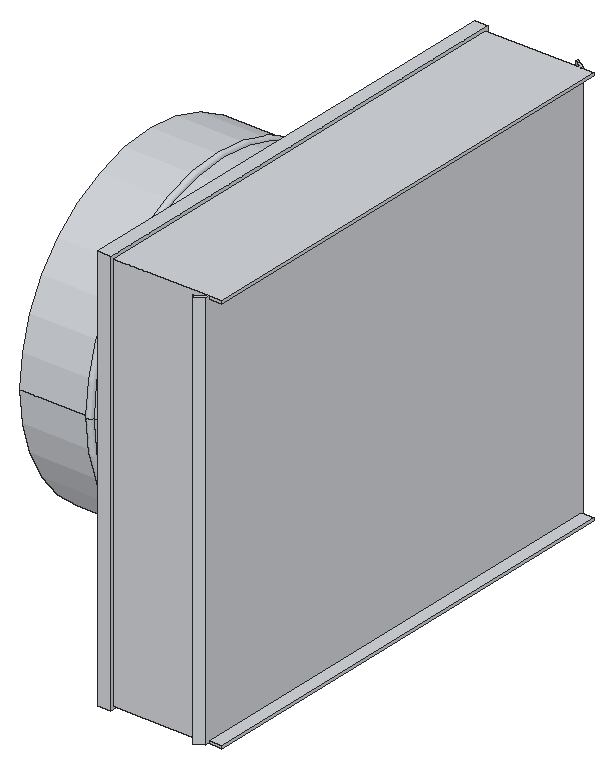
Revit family
Parameters (values of type "300")
  d = N / 2  # 150.0 mm
  URL = "http://www.productspec.net/products/29690/holyoake-industries/control-volume-assemblies-hcv.aspx"
  Type Comments = "Variable Air Volume Round Outlet Adaptor"  # constant formula
  Model = "VAV - Round Outlet Adaptor"  # constant formula
  Min Flow = 0.3 L/s
  Max Flow = 1.08 L/s
  Manufacturer = "Holyoake Industries Ltd"  # constant formula
  Engineering Data [instance] = "http://www.productspec.net/nas/TechnicalFiles/2367/p29690/G7-G13%20HCV%20Performance.pdf"
  N = 300.0 mm
  Description = "An HCV terminal can consist of a basic unit alone or with any combination of accessories."  # constant formula
  Created By = "Productspec Ltd"  # constant formula
  Round Outlet Adaptor [instance] = none
  H = 369.0 mm
  Author = "Zinder Zhao"  # constant formula
  G = 428.0 mm
Types (5, lengths in mm): name | d | Min Flow | Max Flow | N | H | G
  (no name) | 150.0 | 0.3 L/s | 1.08 L/s | 300.0 | 369.0 | 428.0
  100, 125 & 150 | 75.0 | 0.03 L/s | 0.11 L/s | 150.0 | 223.0 | 286.0
  300 | 150.0 | 0.3 L/s | 1.08 L/s | 300.0 | 369.0 | 428.0
  250 | 125.0 | 0.21 L/s | 0.73 L/s | 250.0 | 296.0 | 428.0
  175, 200 & 225 | 125.0 | 0.1 L/s | 0.34 L/s | 250.0 | 296.0 | 286.0
Reference planes
  plane 1 "Center (Front/Back)": y = 0
  plane 2 "Bottom": z = 0
  plane 3 "Center (Left/Right)": x = 0
  plane 4: y = 214
  plane 5: y = -214
  plane 6 "Right": x = 50
  plane 7 "Left": x = -50
  plane 8 "Inlet": x = -175
  plane 9 "Top": z = 369
  plane 10: z = 184.5
  plane 11: z = 334.5
  plane 12: z = 34.5
  plane 13: y = -150
  plane 14: y = 150
  plane 15 "Velocity Sensor": x = -107.247
Forms (mm)
  Extrusion 1, solid, material <- "Round Outlet Adaptor"
    sketch origin (-50, 0, 0) x (0, 1, 0) y (0, 0, 1)
      loop
        line (214, 369) -> (-214, 369) -> (-214, 0) -> (214, 0) -> (214, 369)
      loop
        line (212, 367) -> (-212, 367) -> (-212, 2) -> (212, 2) -> (212, 367)
    from 0 to 100
  Extrusion 2, solid, material <- "Round Outlet Adaptor"
    sketch origin (-175, -37.5, 0) x (0, 1, 0) y (0, 0, 1)
      loop
        circle (37.5, 184.5) r 150
    from 0 to 125
  Sweep 3, solid, material <- "Round Outlet Adaptor", detail levels medium+fine
    path in 3D
      loop
        arc (-175, -150, 184.5) -> (-175, 0, 34.5) -> (-175, 150, 184.5) r 150
        arc (-175, 150, 184.5) -> (-175, 0, 334.5) -> (-175, -150, 184.5) r 150
    profile origin (-175, 0, 334.5) x (0, 0, 1) y (-1, 0, 0)
      loop
        line (0, -61.753) -> (0, -67.753)
        arc (0, -67.753) -> (3, -64.753) -> (0, -61.753) r 3
  Extrusion 4, solid, material <- "Round Outlet Adaptor"
    sketch origin (-50, 0, 0) x (0, 1, 0) y (0, 0, 1)
      loop
        line (217, 372) -> (-217, 372) -> (-217, -3) -> (217, -3) -> (217, 372)
      loop
        circle (0, 184.5) r 150
    from 0 to 12
  Extrusion 5, solid, material <- "Round Outlet Adaptor"
    sketch origin (50, 0, 0) x (0, 1, 0) y (0, 0, 1)
      loop
        line (214, 369) -> (-214, 369) -> (-214, 367) -> (214, 367) -> (214, 369)
      loop
        line (214, 0) -> (214, 2) -> (-214, 2) -> (-214, 0) -> (214, 0)
    from 0 to 12
  Extrusion 6, solid, material <- "Round Outlet Adaptor"
    sketch origin (0, 0, 0) x (1, 0, 0) y (0, 1, 0)
      loop
        line (50, -214) -> (48, -214) -> (48, -215.923) -> (40.34, -220.345) -> (41.34, -222.077) -> (50, -217.077) -> (50, -214)
      loop
        line (50, 214) -> (50, 217.077) -> (41.34, 222.077) -> (40.34, 220.345) -> (48, 215.923) -> (48, 214) -> (50, 214)
    from 0 to 369 <- "H"
  Extrusion 7, solid, material <- "Round Outlet Adaptor"
    sketch origin (148.5, 0, 0) x (0, 1, 0) y (0, 0, 1)
      loop
        line (214, 369) -> (-214, 369) -> (-214, 0) -> (214, 0) -> (214, 369)
    from -100.5 to -98.5
Cuts and joins
  joined: Extrusion 1, Extrusion 4, Extrusion 5, Extrusion 6, Extrusion 7
Lines and regions (mm)
  sketch lines
    curve 1: arc (-175, 150, 184.5) -> (-175, 0, 334.5) -> (-175, -150, 184.5) r 150
    curve 2: arc (-175, -150, 184.5) -> (-175, 0, 34.5) -> (-175, 150, 184.5) r 150
Dimensions and locks
  equal spacing: plane 9 "Top", plane 10, plane 2 "Bottom"
  "H": plane 9 "Top" to plane 2 "Bottom"
  "G": plane 4 to plane 5
  locked: plane 8 "Inlet" to plane 7 "Left" at 125
  locked: plane 7 "Left" to plane 6 "Right" at 100
  equal spacing: plane 4, plane 1 "Center (Front/Back)", plane 5
  locked: plane 8 "Inlet" to plane 15 "Velocity Sensor" at 67.753
  equal spacing: plane 14, plane 1 "Center (Front/Back)", plane 13
  "N": plane 14 to plane 13
  equal spacing: plane 11, plane 10, plane 12
  "N": plane 11 to plane 12
  locked: plane 5 to Extrusion 4 sketch curve at 3
  locked: plane 2 "Bottom" to Extrusion 4 sketch curve at 3
  locked: Extrusion 4 sketch curve to plane 4 at 3
  locked: plane 9 "Top" to Extrusion 4 sketch curve at 3
  equal spacing: plane 7 "Left", plane 3 "Center (Left/Right)", plane 6 "Right"
  "d": radius of Extrusion 2 sketch curve
  aligned and locked: plane 4 to Extrusion 1 sketch curve
  aligned and locked: plane 9 "Top" to Extrusion 1 sketch curve
  aligned and locked: level to Extrusion 1 sketch curve
  aligned and locked: plane 5 to Extrusion 1 sketch curve
  aligned and locked: plane 7 "Left" to Extrusion 2
  aligned and locked: plane 6 "Right" to Extrusion 1
  aligned and locked: Extrusion 5 sketch curve to plane 9 "Top"
  aligned and locked: plane 4 to Extrusion 5 sketch curve
  aligned and locked: Extrusion 5 sketch curve to plane 5  (x2)
  aligned and locked: Extrusion 1 to Extrusion 5 sketch curve
  aligned and locked: Extrusion 5 sketch curve to Extrusion 1
  aligned and locked: plane 5 to Extrusion 6 sketch curve
  aligned and locked: Extrusion 6 sketch curve to plane 6 "Right"
  aligned and locked: plane 6 "Right" to Extrusion 6 sketch curve
  aligned and locked: plane 4 to Extrusion 6 sketch curve
  aligned and locked: Extrusion 4 sketch curve to Extrusion 2  (x2)
  aligned and locked: Extrusion 7 sketch curve to cut or joined group of Extrusion 1, Extrusion 4, Extrusion 5, Extrusion 6, Extrusion 7  (x3)
  aligned and locked: cut or joined group of Extrusion 1, Extrusion 4, Extrusion 5, Extrusion 6, Extrusion 7 to Extrusion 7 sketch curve
  aligned and locked: plane 6 "Right" to Extrusion 7
  aligned and locked: Sweep 3 sketch curve to plane 11
  aligned and locked: Extrusion 7 to Extrusion 6
Automatic sketch dimensions
  Extrusion 2 sketch curve to plane 1 "Center (Front/Back)" = 0.0 mm
  Extrusion 2 sketch curve to plane 10 = 0.0 mm
  Extrusion 6 sketch curve to plane 6 "Right" = 2.0 mm  (x2)
  Extrusion 6 sketch curve to plane 6 "Right" = 8.66 mm  (x2)
  plane 5 to Extrusion 6 sketch curve = 6.345 mm
  Extrusion 6 sketch curve to Extrusion 6 sketch curve = 1.0 mm  (x2)
  Extrusion 6 sketch curve to plane 4 = 6.345 mm
  Extrusion 6 sketch curve to Extrusion 6 sketch curve = 1.732 mm
  Extrusion 6 sketch curve to plane 4 = 1.923 mm
  Extrusion 5 sketch curve to plane 9 "Top" = 2.0 mm
  level to Extrusion 5 sketch curve = 2.0 mm
  plane 4 to Extrusion 1 sketch curve = 2.0 mm
  Extrusion 1 sketch curve to plane 9 "Top" = 2.0 mm
  level to Extrusion 1 sketch curve = 2.0 mm
  Extrusion 1 sketch curve to plane 5 = 2.0 mm
  Sweep 3 sketch curve to Sweep 3 sketch curve = 3.0 mm
  Sweep 3 sketch curve to profile plane = 67.753 mm
Connectors
  hvac at (-175, 0, 184.5), driven by "d", driven by "Max Flow"
    settings: on Extrusion 2, index 2
  hvac at (50, 0, 184.5), driven by "Max Flow", driven by "H", driven by "G"
    settings: on cut or joined group of Extrusion 1, Extrusion 4, Extrusion 5, Extrusion 6, Extrusion 7, index 3
